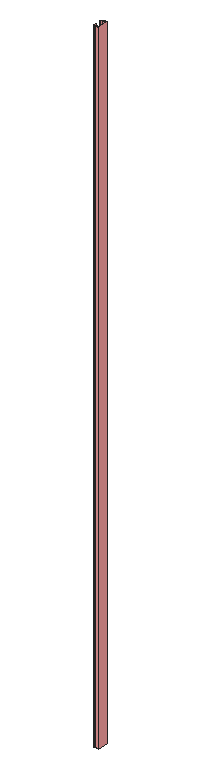
Revit family "GW_ガリッドスタッド(反転) t=3.2", category 一般モデル, Revit 2021
Family settings
  鉄筋をホスト可能 = いいえ
  丸型コネクタ寸法 = 直径を使用
  パーツ タイプ = 標準
  作業面ベース = いいえ
  常に垂直 = はい
  ロード時にボイドで切り取り = いいえ
  共有 = いいえ
  部屋計算ポイント = いいえ
Parameters
  長さ [instance] = 7000.0 mm
  製造元 = "双日建材株式会社"
  既定の高さ = 0.0 mm
  マテリアル = ガリッドスタッドt=3.2
  t = 2.3 mm
  H = 100.0 mm
  C = 20.0 mm
  A = 50.0 mm
Reference planes
  plane 1 "中心(正面/背面)": y = 0
  plane 2: z = 0
  plane 3 "中心(左/右)": x = 0
  plane 4: y = 30
  plane 5: y = 50
  plane 6: y = -30
  plane 7: y = -50
  plane 8: x = -50
  plane 9: y = -47.7
  plane 10: y = 47.7
  plane 11: x = -2.3
  plane 12: x = -47.7
  plane 13: z = 7000
Forms (mm)
  Extrusion 1, solid, material "ガリッドスタッドt=3.2" <- "マテリアル"
    sketch origin (0, 0, 0) x (1, 0, 0) y (0, 1, 0)
      loop
        line (-47.7, -30) -> (-50, -30) -> (-50, -50) -> (0, -50) -> (0, 50) -> (-50, 50) -> (-50, 30) -> (-47.7, 30) -> (-47.7, 47.7) -> (-2.3, 47.7) -> (-2.3, -47.7) -> (-47.7, -47.7) -> (-47.7, -30)
    from 0 to 7000
Dimensions and locks
  "H": plane 7 to plane 5
  "C": plane 4 to plane 5
  "C": plane 7 to plane 6
  equal spacing: plane 7, plane 1 "中心(正面/背面)", plane 5
  "A": plane 8 to plane 3 "中心(左/右)"
  "t": plane 8 to plane 12
  "t": plane 11 to plane 3 "中心(左/右)"
  "t": plane 7 to plane 9
  "t": plane 10 to plane 5
  "長さ": plane 13 to level
  aligned and locked: level to plane 2
  aligned and locked: plane 10 to Extrusion 1 sketch curve
  aligned and locked: Extrusion 1 sketch curve to plane 5
  aligned and locked: plane 3 "中心(左/右)" to Extrusion 1 sketch curve
  aligned and locked: Extrusion 1 sketch curve to plane 11
  aligned and locked: Extrusion 1 sketch curve to plane 8  (x2)
  aligned and locked: plane 12 to Extrusion 1 sketch curve  (x2)
  aligned and locked: Extrusion 1 sketch curve to plane 9
  aligned and locked: plane 7 to Extrusion 1 sketch curve
  aligned and locked: plane 4 to Extrusion 1 sketch curve
  aligned and locked: plane 13 to Extrusion 1
  aligned and locked: Extrusion 1 sketch curve to plane 6
